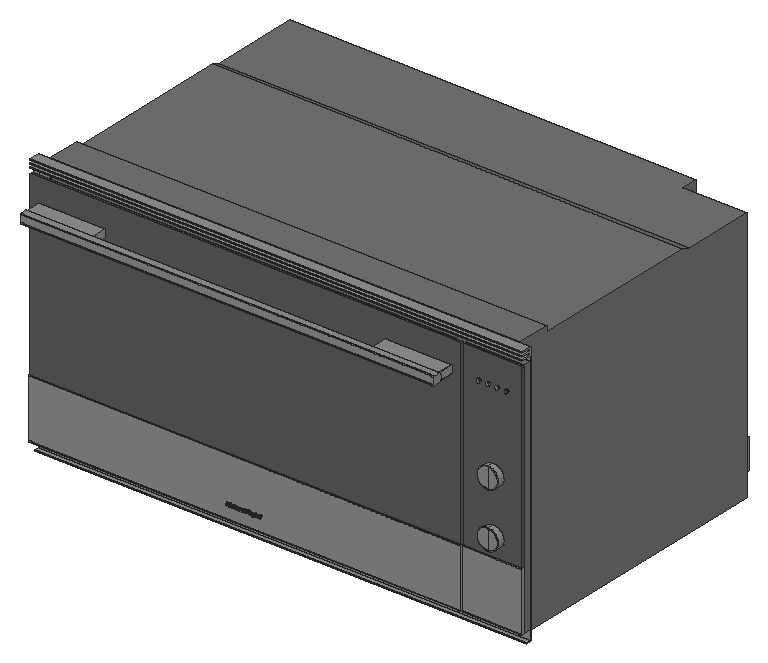
Revit family "New_Fisher & Paykel Oven OB90S9MEP", category Generic Models, host Floor, Revit 2013
Parameters (values of type "Fisher & Paykel - Built-in Oven OB90S9MEPX2")
  URL = "http://www.fisherpaykel.com"
  Panel = Glass-Reflective-Black-Fisher & Paykel
  Model = "OB90S9MEPX2"
  Manufacturer = "Fisher & Paykel"
  Features = Metal-Stainless Steel-Brushed-Fisher & Paykel
  Description = "Fisher & Paykel - Built-in Oven OB90S9MEPX2"
  Body = Metal-Polished-Black-Fisher & Paykel
Reference planes (in)
  plane 1 "Center (Front/Back)": y = 0
  plane 2: z = 0
  plane 3 "Center (Left/Right)": x = 0
Dimensions and locks (in)
  equal spacing: host sketch curve, plane 1 "Center (Front/Back)", host sketch curve
  equal spacing: host sketch curve, plane 3 "Center (Left/Right)", host sketch curve
  host sketch curve to host sketch curve = 10' - 0"  (x2)
  aligned and locked: level to plane 2
Nested families (in)
  nested 1: "Fisher & Paykel Oven OB90S9MEP" at (0, 0, 9.40945) x (1, 0, 0) z (0, -1, 0), type "Fisher & Paykel - Built-in Oven OB90S9MEPX2"
Definition of nested family "Fisher & Paykel Oven OB90S9MEP"
  Parameters (values of type "Fisher & Paykel - Built-in Oven OB90S9MEPX2")
    Width_ANZRS = 1' - 10.20472"  # constant formula
    URL = "http://www.fisherpaykel.com"
    Type Comments = ""
    Features = Metal-Stainless Steel-Brushed-Fisher & Paykel
    Clearance = yes
    Body = Metal-Polished-Black-Fisher & Paykel
    Model = "OB90S9MEPX2"
    Manufacturer = "Fisher & Paykel"  # constant formula
    Length_ANZRS = 2' - 11.23622"  # constant formula
    Keynote = ""
    Height_ANZRS = 1' - 6.8189"  # constant formula
    Description = "90cm Pyrolytic Built-in Oven"  # constant formula
    Default Elevation = 3' - 3.37008"
    Cost = 0
    Panel = Glass-Reflective-Black-Fisher & Paykel
    Assembly Code = ""
  Reference planes (in)
    plane 1 "Origin": y = 0
    plane 2 "Host": z = 0
    plane 3 "Center (Left/Right)": x = 0
    plane 4 "Back": y = 9.40945
    plane 5 "Front": y = -9.40945
    plane 6 "Top": z = 0.19685
    plane 7 "Bottom": z = -22.00787
    plane 8: x = 17.57874
    plane 9: x = -17.57874
    plane 10 "Knobs": x = 15.48771
  Forms (in)
    Extrusion 1, solid
      sketch origin (0, 0, 0) x (1, 0, 0) y (0, 1, 0)
        loop
          line (-48, 48) -> (-48, -48) -> (48, -48) -> (48, 48) -> (-48, 48)
      from 0 to -12
    Extrusion 2, solid, material "Metal-Polished-Black-Fisher & Paykel" <- "Body"
      sketch origin (16.79134, -9.40945, -0.66929) x (0, 0, -1) y (0, 1, 0)
        loop
          line (21.33858, 0) -> (21.33858, 18.22835) -> (15.04967, 18.22835) -> (14.49853, 18.4252) -> (2.32283, 18.4252) -> (2.32283, 18.8189) -> (-0.07874, 18.8189) -> (-0.07874, 9.56693) -> (-0.07874, 0) -> (21.33858, 0)
      from 0 to -33.58268
    Extrusion 3, solid, material "Metal-Stainless Steel-Brushed-Fisher & Paykel" <- "Features", detail levels medium+fine
      sketch origin (16.79134, -9.40945, -0.66929) x (0, 0, -1) y (0, 1, 0)
        loop
          line (-0.86614, 18.8189) -> (-0.86614, 18.74016) -> (-0.15748, 18.74016) -> (-0.15748, 18.56299) -> (-0.86614, 18.56299) -> (-0.86614, 18.48425) -> (-0.15748, 18.48425) -> (-0.15748, 18.30709) -> (-0.86614, 18.30709) -> (-0.86614, 18.22835) -> (-0.07874, 18.22835) -> (-0.07874, 18.8189) -> (-0.86614, 18.8189)
      from -34.37008 to 0.7874
    Extrusion 4, solid, material "Metal-Stainless Steel-Brushed-Fisher & Paykel" <- "Features", detail levels medium+fine
      sketch origin (16.79134, -9.40945, -1.06299) x (0, 0, -1) y (0, 1, 0)
        loop
          line (-0.47244, 0) -> (-0.47244, 0.74803) -> (-0.51181, 0.74803) -> (-0.51181, 0.03937) -> (-0.86614, 0.03937) -> (-0.86614, 0) -> (-0.47244, 0)
      from -34.37008 to 0.7874
    Extrusion 5, void
      sketch origin (16.79134, -9.40945, -0.66929) x (1, 0, 0) y (0, 0, -1)
        loop
          line (0, 21.33858) -> (-4.56693, 21.33858) -> (-4.56693, 20.15748) -> (0, 20.15748) -> (0, 21.33858)
      from 0 to 18.22835
    Extrusion 6, solid, material "Metal-Stainless Steel-Brushed-Fisher & Paykel" <- "Features", detail levels medium+fine
      sketch origin (16.79134, -9.40945, 0.11811) x (1, 0, 0) y (0, 1, 0)
        loop
          circle (-2.28362, 15.9449) r 0.11811
        loop
          circle (-1.62417, 15.9449) r 0.11811
        loop
          circle (-0.96473, 15.9449) r 0.11811
        loop
          circle (-0.30528, 15.9449) r 0.11811
      from 0.07874 to 0.15748
    Extrusion 7, solid, material "Metal-Stainless Steel-Brushed-Fisher & Paykel" <- "Features"
      sketch origin (16.79134, -9.38995, -0.59055) x (1, 0, 0) y (0, 0, -1)
        loop
          line (-2.00787, 21.02362) -> (-2.00787, 20.23622) -> (-0.51181, 20.23622) -> (-0.51181, 21.02362) -> (-2.00787, 21.02362)
      from 1.1616 to 3.32696
    Extrusion 8, solid, material "Metal-Stainless Steel-Brushed-Fisher & Paykel" <- "Features"
      sketch origin (16.79134, -9.40945, -0.59055) x (1, 0, 0) y (0, 0, -1)
        loop
          circle (-1.25984, 20.62992) r 0.15748
      from 0.15748 to 1.1811
    Extrusion 9, void
      sketch origin (16.79134, -9.40945, -0.66929) x (1, 0, 0) y (0, 0, -1)
        loop
          line (-4.76378, 21.20164) -> (-33.38583, 21.20164) -> (-33.38583, 0.21568) -> (-0.19685, 0.21568) -> (-0.19685, 19.96063) -> (-4.76378, 19.96063) -> (-4.76378, 21.20164)
      from 0.19685 to 17.91339
    Extrusion 10, solid, material "Metal-Stainless Steel-Brushed-Fisher & Paykel" <- "Features"
      sketch origin (16.79134, -9.40945, -0.66929) x (0, 0, -1) y (0, 1, 0)
        loop
          line (-2.00841, 16.25984) -> (-2.46063, 16.25984)
          arc (-2.46063, 16.25984) -> (-2.50239, 16.24255) -> (-2.51969, 16.20079) r 0.05906
          line (-2.51969, 16.20079) -> (-2.51969, 15.68898)
          arc (-2.51969, 15.68898) -> (-2.50239, 15.64722) -> (-2.46063, 15.62992) r 0.05906
          line (-2.46063, 15.62992) -> (-2.00841, 15.62992)
          arc (-2.00841, 15.62992) -> (-1.88863, 15.94488) -> (-2.00841, 16.25984) r 0.47399
      from -33.74016 to -4.2126
    Extrusion 11, solid, material "Glass-Reflective-Black-Fisher & Paykel" <- "Panel"
      sketch origin (0, 0, 0.19685) x (-1, 0, 0) y (0, -1, 0)
        loop
          line (-13.40551, -8.38583) -> (-13.40551, 8.51986)
          arc (-13.40551, 8.51986) -> (-13.44005, 8.60325) -> (-13.52344, 8.6378) r 0.11793
          line (-13.52344, 8.6378) -> (-17.46063, 8.6378)
          arc (-17.46063, 8.6378) -> (-17.54415, 8.6032) -> (-17.57874, 8.51969) r 0.11811
          line (-17.57874, 8.51969) -> (-17.57874, -8.38583)
          arc (-17.57874, -8.38583) -> (-17.54415, -8.46934) -> (-17.46063, -8.50394) r 0.11811
          line (-17.46063, -8.50394) -> (-13.52362, -8.50394)
          arc (-13.52362, -8.50394) -> (-13.44011, -8.46934) -> (-13.40551, -8.38583) r 0.11811
      from -0.15748 to 0
    Extrusion 12, solid, material "Metal-Stainless Steel-Brushed-Fisher & Paykel" <- "Features"
      sketch origin (0, 0, 0) x (1, 0, 0) y (0, 0, 1)
        loop
          line (-16.7126, -0.59055) -> (-16.7126, -0.55118) -> (-17.53937, -0.55118) -> (-17.53937, -0.11811) -> (-17.57874, -0.11811) -> (-17.57874, -0.59055) -> (-16.7126, -0.59055)
        loop
          line (17.57874, -0.59055) -> (17.57874, -0.55118) -> (16.59449, -0.55118) -> (16.59449, -0.59055) -> (17.57874, -0.59055)
      from -8.52756 to 8.66142
    Extrusion 13, solid, material "Metal-Stainless Steel-Brushed-Fisher & Paykel" <- "Features", detail levels medium+fine
      sketch origin (16.79134, -9.40945, -0.66929) x (0, 0, -1) y (0, 1, 0)
        loop
          line (-0.11811, 18.22835) -> (-0.11811, 17.93701) -> (-0.07874, 17.93701) -> (-0.07874, 18.22835) -> (-0.11811, 18.22835)
      from -34.37008 to 0.7874
    Extrusion 14, solid, material "Metal-Polished-Black-Fisher & Paykel" <- "Body"
      sketch origin (0, 0, 0) x (0, 1, 0) y (0, 0, 1)
        loop
          line (8.26772, 0.03937) -> (-8.66142, 0.03937) -> (-8.66142, -0.59055) -> (8.09893, -0.59055) -> (8.26772, 0.03937)
      from -15.61024 to 12.22441
    Extrusion 15, solid, material "Metal-Polished-Black-Fisher & Paykel" <- "Body"
      sketch origin (0, 0, 0.19685) x (-1, 0, 0) y (0, -1, 0)
        loop
          line (-13.40551, 8.66142) -> (-17.57874, 8.66142) -> (-17.57874, -8.50394) -> (-13.40551, -8.50394) -> (-13.40551, 8.66142)
      from -0.74803 to -0.15748
    Extrusion 16, solid, material "Glass-Reflective-Black-Fisher & Paykel" <- "Panel"
      sketch origin (0, 0, 0.19685) x (-1, 0, 0) y (0, -1, 0)
        loop
          line (-13.20866, 8.51969) -> (-13.20866, -8.38583)
          arc (-13.20866, -8.38583) -> (-13.17407, -8.46934) -> (-13.09055, -8.50394) r 0.11811
          line (-13.09055, -8.50394) -> (17.46063, -8.50394)
          arc (17.46063, -8.50394) -> (17.54415, -8.46934) -> (17.57874, -8.38583) r 0.11811
          line (17.57874, -8.38583) -> (17.57874, 8.51969)
          arc (17.57874, 8.51969) -> (17.54415, 8.6032) -> (17.46063, 8.6378) r 0.11811
          line (17.46063, 8.6378) -> (-13.09055, 8.6378)
          arc (-13.09055, 8.6378) -> (-13.17407, 8.6032) -> (-13.20866, 8.51969) r 0.11811
      from -0.15748 to 0
    Extrusion 17, solid, material "Metal-Stainless Steel-Brushed-Fisher & Paykel" <- "Features"
      sketch origin (0, 0, 0) x (0, 1, 0) y (0, 0, 1)
        loop
          line (-4.44882, 0.27559) -> (-8.62205, 0.27559)
          arc (-8.62205, 0.27559) -> (-8.64989, 0.26406) -> (-8.66142, 0.23622) r 0.03937
          line (-8.66142, 0.23622) -> (-8.66142, 0.07874) -> (-4.40945, 0.07874) -> (-4.40945, 0.23622)
          arc (-4.40945, 0.23622) -> (-4.42098, 0.26406) -> (-4.44882, 0.27559) r 0.03937
      from -17.61811 to 13.24803
    Extrusion 18, solid, material "Metal-Stainless Steel-Brushed-Fisher & Paykel" <- "Features"
      sketch origin (0, 0, 0) x (0, 1, 0) y (0, 0, 1)
        loop
          line (-4.44882, 0.27559) -> (-8.62205, 0.27559)
          arc (-8.62205, 0.27559) -> (-8.64989, 0.26406) -> (-8.66142, 0.23622) r 0.03937
          line (-8.66142, 0.23622) -> (-8.66142, 0.07874) -> (-4.40945, 0.07874) -> (-4.40945, 0.23622)
          arc (-4.40945, 0.23622) -> (-4.42098, 0.26406) -> (-4.44882, 0.27559) r 0.03937
      from 13.36614 to 17.61811
    Revolve 19, solid, material "Metal-Stainless Steel-Brushed-Fisher & Paykel" <- "Features"
      sketch origin (15.48771, 0, 0) x (0, 1, 0) y (0, 0, 1)
        loop
          line (0.82677, 0.66929) -> (0.82677, 0.03937) -> (1.5748, 0.03937) -> (1.5748, 0.62992) -> (1.53543, 0.66929) -> (0.82677, 0.66929)
        axis (0.82677, 0.03937) -> (0.82677, 0.66929)
      angle from 0 to 360
    Revolve 20, solid, material "Metal-Stainless Steel-Brushed-Fisher & Paykel" <- "Features"
      sketch origin (15.48771, 0, 0) x (0, 1, 0) y (0, 0, 1)
        loop
          line (-3.11024, 0.66929) -> (-3.11024, 0.03937) -> (-2.3622, 0.03937) -> (-2.3622, 0.62992) -> (-2.40158, 0.66929) -> (-3.11024, 0.66929)
        axis (-3.11024, 0.03937) -> (-3.11024, 0.66929)
      angle from 0 to 360
    Extrusion 21, solid, material "Metal-Stainless Steel-Brushed-Fisher & Paykel" <- "Features"
      sketch origin (0, 0, 0.19685) x (-1, 0, 0) y (0, -1, 0)
        loop
          line (12.21654, -6.23228) -> (12.21654, -6.83858) -> (16.90157, -6.83858) -> (16.94112, -6.79904) -> (16.94112, -6.27182) -> (16.90157, -6.23228) -> (12.21654, -6.23228)
        loop
          line (-7.84646, -6.23228) -> (-12.5315, -6.23228) -> (-12.57104, -6.27182) -> (-12.57104, -6.79904) -> (-12.5315, -6.83858) -> (-7.84646, -6.83858) -> (-7.84646, -6.23228)
      from 0 to 1.32965
  Cuts and joins
    Extrusion 5, Extrusion 9 cuts Extrusion 2
    joined: Extrusion 10, Extrusion 21
  Dimensions and locks (in)
    equal spacing: plane 5 "Front", plane 1 "Origin", plane 4 "Back"
    locked: plane 6 "Top" to level at 0.19685
    equal spacing: plane 9, plane 3 "Center (Left/Right)", plane 8
    aligned and locked: plane 2 "Host" to Extrusion 1
    aligned and locked: level to Extrusion 1
    aligned and locked: Extrusion 7 to Extrusion 8
  Automatic sketch dimensions
    Extrusion 1 sketch curve to Extrusion 1 sketch curve = 8' - 0"  (x2)
    Extrusion 2 sketch curve to plane 4 "Back" = 0' - 0"
    Extrusion 2 sketch curve to plane 5 "Front" = 0' - 0"
    Extrusion 2 sketch curve to plane 7 "Bottom" = 0' - 0"
    Extrusion 2 sketch curve to plane 4 "Back" = 0' - 0.59055"
    Extrusion 2 sketch curve to Extrusion 2 sketch curve = 0' - 6.28891"
    Extrusion 2 sketch curve to Extrusion 2 sketch curve = 0' - 0.55114"
    Extrusion 2 sketch curve to plane 4 "Back" = 0' - 0.3937"
    Extrusion 2 sketch curve to level = 0' - 2.99213"
    Extrusion 2 sketch curve to level = 0' - 0.59055"
    Extrusion 2 sketch curve to plane 1 "Origin" = 0' - 0.15748"
    Extrusion 3 sketch curve to plane 4 "Back" = 0' - 0"
    Extrusion 3 sketch curve to plane 6 "Top" = 0' - 0"  (x3)
    Extrusion 3 sketch curve to level = 0' - 0.51181"
    Extrusion 3 sketch curve to Extrusion 3 sketch curve = 0' - 0"
    Extrusion 3 sketch curve to Extrusion 3 sketch curve = 0' - 0.07874"  (x3)
    Extrusion 3 sketch curve to plane 4 "Back" = 0' - 0.07874"
    Extrusion 3 sketch curve to Extrusion 3 sketch curve = 0' - 0.17717"  (x2)
    Extrusion 4 sketch curve to plane 5 "Front" = 0' - 0"
    Extrusion 4 sketch curve to plane 5 "Front" = 0' - 0.03937"
    Extrusion 4 sketch curve to level = 0' - 0.19685"
    Extrusion 4 sketch curve to level = 0' - 0.55118"
    Extrusion 4 sketch curve to Extrusion 4 sketch curve = 0' - 0.03937"
    Extrusion 4 sketch curve to Extrusion 4 sketch curve = 0' - 0.70866"
    Extrusion 5 sketch curve to plane 7 "Bottom" = 0' - 0"
    Extrusion 5 sketch curve to plane 10 "Knobs" = 0' - 3.2633"
    Extrusion 5 sketch curve to plane 8 = 0' - 0.7874"
    plane 7 "Bottom" to Extrusion 5 sketch curve = 0' - 1.1811"
    Extrusion 6 sketch curve to plane 10 "Knobs" = 0' - 0.97999"
    Extrusion 6 sketch curve to plane 10 "Knobs" = 0' - 0.32055"
    plane 10 "Knobs" to Extrusion 6 sketch curve = 0' - 0.3389"
    Extrusion 6 sketch curve to Extrusion 6 sketch curve = 0' - 0.65945"
    Extrusion 6 sketch curve to plane 4 "Back" = 0' - 2.874"
    Extrusion 6 sketch curve to Extrusion 6 sketch curve = 0' - 0"  (x3)
    Extrusion 7 sketch curve to plane 10 "Knobs" = 0' - 0.70425"
    plane 10 "Knobs" to Extrusion 7 sketch curve = 0' - 0.79182"
    plane 7 "Bottom" to Extrusion 7 sketch curve = 0' - 1.1811"
    plane 7 "Bottom" to Extrusion 7 sketch curve = 0' - 0.3937"
    plane 10 "Knobs" to Extrusion 8 sketch curve = 0' - 0.04379"
    plane 7 "Bottom" to Extrusion 8 sketch curve = 0' - 0.7874"
    plane 7 "Bottom" to Extrusion 9 sketch curve = 0' - 0.13694"
    plane 9 to Extrusion 9 sketch curve = 0' - 0.98425"
    Extrusion 9 sketch curve to plane 10 "Knobs" = 0' - 3.46015"
    Extrusion 9 sketch curve to plane 8 = 0' - 0.98425"
    plane 7 "Bottom" to Extrusion 9 sketch curve = 0' - 1.37795"
    Extrusion 9 sketch curve to level = 0' - 0.88497"
    plane 6 "Top" to Extrusion 10 sketch curve = 0' - 1.65354"
    Extrusion 10 sketch curve to Extrusion 10 sketch curve = 0' - 0.05906"  (x2)
    Extrusion 10 sketch curve to Extrusion 10 sketch curve = 0' - 0.098"
    Extrusion 10 sketch curve to Extrusion 10 sketch curve = 0' - 0.45222"  (x2)
    Extrusion 10 sketch curve to plane 4 "Back" = 0' - 3.18898"
    Extrusion 10 sketch curve to Extrusion 10 sketch curve = 0' - 0.25591"
    Extrusion 11 sketch curve to plane 8 = 0' - 0"
    Extrusion 11 sketch curve to plane 8 = 0' - 0.11811"  (x2)
    Extrusion 11 sketch curve to plane 4 "Back" = 0' - 0.90551"
    Extrusion 11 sketch curve to plane 10 "Knobs" = 0' - 1.96409"
    Extrusion 11 sketch curve to plane 10 "Knobs" = 0' - 1.96427"
    Extrusion 11 sketch curve to Extrusion 11 sketch curve = 0' - 0.11793"
    Extrusion 11 sketch curve to plane 5 "Front" = 0' - 0.88976"
    Extrusion 12 sketch curve to plane 9 = 0' - 0"
    Extrusion 12 sketch curve to plane 8 = 0' - 0"
    plane 9 to Extrusion 12 sketch curve = 0' - 0.03937"
    Extrusion 12 sketch curve to Extrusion 12 sketch curve = 0' - 0.82677"
    Extrusion 12 sketch curve to plane 8 = 0' - 0.98425"
    Extrusion 12 sketch curve to level = 0' - 0.59055"  (x2)
    Extrusion 12 sketch curve to Extrusion 12 sketch curve = 0' - 0.03937"  (x2)
    Extrusion 12 sketch curve to level = 0' - 0.11811"
    Extrusion 13 sketch curve to level = 0' - 0.55118"
    Extrusion 13 sketch curve to Extrusion 13 sketch curve = 0' - 0.03937"
    Extrusion 13 sketch curve to plane 4 "Back" = 0' - 0.88189"
    Extrusion 13 sketch curve to Extrusion 13 sketch curve = 0' - 0.29134"
    level to Extrusion 14 sketch curve = 0' - 0.03937"
    Extrusion 14 sketch curve to plane 5 "Front" = 0' - 0.74803"
    Extrusion 14 sketch curve to level = 0' - 0.59055"
    Extrusion 14 sketch curve to plane 4 "Back" = 0' - 1.31052"
    Extrusion 14 sketch curve to Extrusion 14 sketch curve = 0' - 0.16879"
    Extrusion 15 sketch curve to plane 8 = 0' - 0"
    Extrusion 15 sketch curve to plane 5 "Front" = 0' - 0.74803"
    Extrusion 15 sketch curve to plane 10 "Knobs" = 0' - 2.0822"
    Extrusion 15 sketch curve to plane 4 "Back" = 0' - 0.90551"
    Extrusion 16 sketch curve to plane 9 = 0' - 0"
    plane 9 to Extrusion 16 sketch curve = 0' - 0.11811"
    Extrusion 16 sketch curve to Extrusion 16 sketch curve = 0' - 0.11811"  (x2)
    Extrusion 16 sketch curve to plane 5 "Front" = 0' - 0.77165"
    Extrusion 16 sketch curve to plane 10 "Knobs" = 0' - 2.39716"  (x2)
    Extrusion 16 sketch curve to plane 4 "Back" = 0' - 1.02362"
    level to Extrusion 17 sketch curve = 0' - 0.07874"
    Extrusion 17 sketch curve to plane 5 "Front" = 0' - 0.74803"
    Extrusion 17 sketch curve to Extrusion 17 sketch curve = 0' - 0.03937"  (x2)
    plane 6 "Top" to Extrusion 17 sketch curve = 0' - 0.07874"
    Extrusion 17 sketch curve to Extrusion 17 sketch curve = 0' - 4.17323"
    level to Extrusion 18 sketch curve = 0' - 0.07874"
    Extrusion 18 sketch curve to plane 5 "Front" = 0' - 0.74803"
    Extrusion 18 sketch curve to Extrusion 18 sketch curve = 0' - 0.03937"  (x2)
    plane 6 "Top" to Extrusion 18 sketch curve = 0' - 0.07874"
    Extrusion 18 sketch curve to Extrusion 18 sketch curve = 0' - 4.17323"
    Revolve 19 sketch curve to plane 1 "Origin" = 0' - 0.82677"
    Revolve 19 sketch curve to Revolve 19 sketch curve = 0' - 0"  (x2)
    plane 6 "Top" to Revolve 19 sketch curve = 0' - 0.47244"
    Revolve 19 sketch curve to Revolve 19 sketch curve = 0' - 0.70866"
    plane 6 "Top" to Revolve 19 sketch curve = 0' - 0.43307"
    Revolve 19 sketch curve to Revolve 19 sketch curve = 0' - 0.03937"
    level to Revolve 19 sketch curve = 0' - 0.03937"
    Revolve 19 sketch curve to Revolve 19 sketch curve = 0' - 0.3937"
    plane 6 "Top" to Revolve 20 sketch curve = 0' - 0.47244"  (x2)
    plane 1 "Origin" to Revolve 20 sketch curve = 0' - 3.11024"
    Revolve 20 sketch curve to Revolve 20 sketch curve = 0' - 0"
    Revolve 20 sketch curve to Revolve 20 sketch curve = 0' - 0.70866"
    plane 6 "Top" to Revolve 20 sketch curve = 0' - 0.43307"
    Revolve 20 sketch curve to Revolve 20 sketch curve = 0' - 0.03937"
    level to Revolve 20 sketch curve = 0' - 0.03937"
    Revolve 20 sketch curve to Revolve 20 sketch curve = 0' - 0.3937"
    Extrusion 21 sketch curve to plane 8 = 0' - 5.0077"
    Extrusion 21 sketch curve to Extrusion 21 sketch curve = 0' - 0.03954"  (x6)
    Extrusion 21 sketch curve to plane 10 "Knobs" = 0' - 7.64125"
    Extrusion 21 sketch curve to plane 4 "Back" = 0' - 2.57087"  (x2)
    plane 9 to Extrusion 21 sketch curve = 0' - 5.3622"
    plane 9 to Extrusion 21 sketch curve = 0' - 0.67717"
    Extrusion 21 sketch curve to Extrusion 21 sketch curve = 0' - 0"
    Extrusion 21 sketch curve to Extrusion 21 sketch curve = 0' - 0.52722"  (x2)
    Extrusion 21 sketch curve to Extrusion 21 sketch curve = 0' - 0.6063"
    radius of Extrusion 6 sketch curve = 0' - 0.11811"  (x4)
    radius of Extrusion 8 sketch curve = 0' - 0.15748"
  Nested families (in)
    nested 1: "FP_logo" at (-2.21893, -7.7569, 0.27559), type "FP_logo"
  Definition of nested family "FP_logo"
    Parameters (values of type "FP_logo")
      length = 0' - 2.55906"
      LOGO = logo
      Default Elevation = 4' - 0"
    Reference planes (in)
      plane 1 "Center (Front/Back)": y = 0
      plane 2: z = 0
      plane 3 "Center (Left/Right)": x = 0
      plane 4: x = -1.27953
      plane 5: x = 1.27953
    Forms (in)
      Extrusion 1, solid
        sketch origin (0, 0, 0) x (1, 0, 0) y (0, 1, 0)
          loop
            line (-48, 48) -> (-48, -48) -> (48, -48) -> (48, 48) -> (-48, 48)
        from 0 to -12
      Extrusion 2, solid, material "logo" <- "LOGO"
        sketch origin (0, 0, 0) x (1, 0, 0) y (0, 1, 0)
          loop
            line (-1.28793, 0) -> (-1.22941, 0) -> (-1.20294, 0.10013) -> (-1.06722, 0.10013) -> (-1.05675, 0.13883) -> (-1.19244, 0.13883) -> (-1.17503, 0.20502) -> (-1.03204, 0.20502) -> (-1.02154, 0.24372) -> (-1.22301, 0.24372) -> (-1.28793, 0)
          loop
            line (-1.06975, 0) -> (-1.01812, 0) -> (-0.97286, 0.17064) -> (-1.02455, 0.17064) -> (-1.06975, 0)
          loop
            line (-1.00487, 0.24372) -> (-1.01447, 0.2087) -> (-0.96281, 0.2087) -> (-0.95323, 0.24372) -> (-1.00487, 0.24372)
          loop
            arc (-0.70659, 0.10944) -> (-0.66351, 0.13909) -> (-0.61518, 0.11909) r 0.05479
            line (-0.61518, 0.11909) -> (-0.64665, 0) -> (-0.59502, 0) -> (-0.56433, 0.11613)
            arc (-0.56433, 0.11613) -> (-0.56066, 0.13166) -> (-0.56433, 0.1472) r 0.03467
            arc (-0.56433, 0.1472) -> (-0.63207, 0.17359) -> (-0.6978, 0.14254) r 0.09195
            line (-0.6978, 0.14254) -> (-0.67088, 0.24372) -> (-0.72248, 0.24372) -> (-0.78736, 0) -> (-0.73573, 0) -> (-0.70659, 0.10944)
          loop
            arc (-0.78003, 0.12388) -> (-0.7802, 0.15435) -> (-0.80595, 0.17064) r 0.03175
            arc (-0.80595, 0.17064) -> (-0.86905, 0.17791) -> (-0.93104, 0.16409) r 0.19102
            arc (-0.93104, 0.16409) -> (-0.95215, 0.1497) -> (-0.96547, 0.12791) r 0.06073
            arc (-0.96547, 0.12791) -> (-0.96563, 0.09219) -> (-0.93526, 0.0734) r 0.03654
            line (-0.93526, 0.0734) -> (-0.86683, 0.07042)
            arc (-0.86683, 0.07042) -> (-0.84963, 0.04675) -> (-0.87138, 0.02716) r 0.02187
            line (-0.87138, 0.02716) -> (-0.91159, 0.02716)
            arc (-0.91159, 0.02716) -> (-0.92782, 0.03263) -> (-0.93496, 0.04821) r 0.02158
            line (-0.93496, 0.04821) -> (-0.98793, 0.04897)
            arc (-0.98793, 0.04897) -> (-0.98824, 0.0237) -> (-0.97175, 0.00453) r 0.03578
            arc (-0.97175, 0.00453) -> (-0.90562, -0.00279) -> (-0.83949, 0.00453) r 0.30257
            arc (-0.83949, 0.00453) -> (-0.80981, 0.02332) -> (-0.79102, 0.053) r 0.08011
            arc (-0.79102, 0.053) -> (-0.79169, 0.08409) -> (-0.81828, 0.10023) r 0.03232
            line (-0.81828, 0.10023) -> (-0.90164, 0.10385)
            arc (-0.90164, 0.10385) -> (-0.91478, 0.11094) -> (-0.91736, 0.12565) r 0.01712
            arc (-0.91736, 0.12565) -> (-0.87321, 0.14484) -> (-0.82987, 0.12388) r 0.05771
            line (-0.82987, 0.12388) -> (-0.78003, 0.12388)
          loop
            line (-0.35834, 0.07785) -> (-0.34936, 0.1281)
            arc (-0.34936, 0.1281) -> (-0.36182, 0.15818) -> (-0.3919, 0.17064) r 0.04254
            line (-0.3919, 0.17064) -> (-0.46649, 0.17064)
            arc (-0.46649, 0.17064) -> (-0.55144, 0.09952) -> (-0.50276, 0) r 0.08985
            arc (-0.50276, 0) -> (-0.42624, 0.00164) -> (-0.36657, 0.04957) r 0.1189
            line (-0.36657, 0.04957) -> (-0.41532, 0.05469)
            arc (-0.41532, 0.05469) -> (-0.47196, 0.02753) -> (-0.50958, 0.07785) r 0.04947
            line (-0.50958, 0.07785) -> (-0.35834, 0.07785)
          loop
            line (-0.49543, 0.10339) -> (-0.40222, 0.10339)
            arc (-0.40222, 0.10339) -> (-0.44883, 0.14122) -> (-0.49543, 0.10339) r 0.04763
          loop
            line (-0.35744, 0) -> (-0.30575, 0) -> (-0.27931, 0.10045)
            arc (-0.27931, 0.10045) -> (-0.24877, 0.13302) -> (-0.21439, 0.10454) r 0.03258
            line (-0.21439, 0.10454) -> (-0.16596, 0.10454)
            arc (-0.16596, 0.10454) -> (-0.16014, 0.13655) -> (-0.17275, 0.16653) r 0.05707
            arc (-0.17275, 0.16653) -> (-0.22695, 0.17196) -> (-0.27227, 0.14172) r 0.08074
            line (-0.27227, 0.14172) -> (-0.26058, 0.17064) -> (-0.31221, 0.17064) -> (-0.35744, 0)
          loop
            line (0.04293, 0.09792) -> (0.03493, 0.06801) -> (-0.03092, 0.12139)
            arc (-0.03092, 0.12139) -> (0.01102, 0.12595) -> (0.05079, 0.14002) r 0.18262
            arc (0.05079, 0.14002) -> (0.06551, 0.16161) -> (0.06992, 0.18735) r 0.06142
            arc (0.06992, 0.18735) -> (0.06308, 0.2049) -> (0.04699, 0.21468) r 0.02933
            arc (0.04699, 0.21468) -> (-0.00347, 0.22023) -> (-0.05393, 0.21468) r 0.23211
            arc (-0.05393, 0.21468) -> (-0.0772, 0.20319) -> (-0.09256, 0.18227) r 0.0547
            arc (-0.09256, 0.18227) -> (-0.09997, 0.15248) -> (-0.08317, 0.12679) r 0.03836
            arc (-0.08317, 0.12679) -> (-0.12079, 0.11552) -> (-0.14937, 0.08857) r 0.08523
            line (-0.14937, 0.08857) -> (-0.16132, 0.04948)
            arc (-0.16132, 0.04948) -> (-0.15152, 0.01457) -> (-0.1183, 0) r 0.0424
            arc (-0.1183, 0) -> (-0.0664, -0.00378) -> (-0.01449, 0) r 0.35823
            arc (-0.01449, 0) -> (0.01603, 0.00923) -> (0.04252, 0.02698) r 0.10788
            line (0.04252, 0.02698) -> (0.07664, 0) -> (0.10123, 0.0189) -> (0.05868, 0.0487)
            arc (0.05868, 0.0487) -> (0.06845, 0.07262) -> (0.07373, 0.09792) r 0.1419
            line (0.07373, 0.09792) -> (0.04293, 0.09792)
          loop
            line (0.02245, 0.04264) -> (-0.06702, 0.11392)
            arc (-0.06702, 0.11392) -> (-0.10449, 0.10434) -> (-0.12285, 0.0703) r 0.0482
            arc (-0.12285, 0.0703) -> (-0.12188, 0.03525) -> (-0.09139, 0.01794) r 0.0357
            arc (-0.09139, 0.01794) -> (-0.03193, 0.0186) -> (0.02245, 0.04264) r 0.14775
          loop
            arc (0.29295, 0.07855) -> (0.34351, 0.08976) -> (0.38459, 0.12128) r 0.11963
            arc (0.38459, 0.12128) -> (0.40024, 0.16194) -> (0.40678, 0.20502) r 0.20127
            arc (0.40678, 0.20502) -> (0.38041, 0.23617) -> (0.3403, 0.24372) r 0.061
            line (0.3403, 0.24372) -> (0.17853, 0.24372) -> (0.11368, 0) -> (0.17213, 0) -> (0.19316, 0.07855) -> (0.29295, 0.07855)
          loop
            line (0.22654, 0.20502) -> (0.20369, 0.11876) -> (0.28438, 0.11876)
            arc (0.28438, 0.11876) -> (0.30788, 0.12228) -> (0.32933, 0.13253) r 0.08023
            line (0.32933, 0.13253) -> (0.34318, 0.17058)
            arc (0.34318, 0.17058) -> (0.33309, 0.19493) -> (0.30873, 0.20502) r 0.03444
            line (0.30873, 0.20502) -> (0.22654, 0.20502)
          loop
            arc (0.44994, 0.12128) -> (0.45661, 0.1374) -> (0.47273, 0.14408) r 0.02279
            arc (0.47273, 0.14408) -> (0.49581, 0.14613) -> (0.5189, 0.14408) r 0.13096
            arc (0.5189, 0.14408) -> (0.53284, 0.13296) -> (0.53116, 0.1152) r 0.01873
            line (0.53116, 0.1152) -> (0.52298, 0.08453)
            arc (0.52298, 0.08453) -> (0.45237, 0.10647) -> (0.3839, 0.07855) r 0.10954
            arc (0.3839, 0.07855) -> (0.37005, 0.03338) -> (0.40349, 0) r 0.04581
            arc (0.40349, 0) -> (0.45959, -0.00093) -> (0.51047, 0.02274) r 0.12515
            line (0.51047, 0.02274) -> (0.49277, -0.00253) -> (0.55275, 0) -> (0.58246, 0.11146)
            arc (0.58246, 0.11146) -> (0.58562, 0.14392) -> (0.56221, 0.16663) r 0.03759
            arc (0.56221, 0.16663) -> (0.50502, 0.17693) -> (0.44725, 0.17064) r 0.20338
            arc (0.44725, 0.17064) -> (0.41783, 0.1507) -> (0.39789, 0.12128) r 0.09427
            line (0.39789, 0.12128) -> (0.44994, 0.12128)
          loop
            line (0.6208, 0) -> (0.6534, 0)
            arc (0.6534, 0) -> (0.62549, -0.03442) -> (0.58246, -0.04497) r 0.0695
            line (0.58246, -0.04497) -> (0.57423, -0.0749)
            arc (0.57423, -0.0749) -> (0.64659, -0.06536) -> (0.69487, -0.01063) r 0.10405
            line (0.69487, -0.01063) -> (0.79906, 0.17064) -> (0.74561, 0.17064) -> (0.66557, 0.02667) -> (0.65099, 0.17064) -> (0.59619, 0.17064) -> (0.6208, 0)
          loop
            line (0.84497, 0.10416) -> (0.8819, 0.24372) -> (0.83031, 0.24372) -> (0.76542, 0) -> (0.81709, 0) -> (0.83716, 0.07561) -> (0.89884, 0) -> (0.96234, 0) -> (0.89705, 0.09023) -> (0.99253, 0.17064) -> (0.93312, 0.17064) -> (0.84497, 0.10416)
          loop
            line (1.22786, 0.24372) -> (1.16298, 0) -> (1.21464, 0) -> (1.27953, 0.24372) -> (1.22786, 0.24372)
          loop
            line (1.16389, 0.07785) -> (1.17287, 0.1281)
            arc (1.17287, 0.1281) -> (1.16041, 0.15818) -> (1.13033, 0.17064) r 0.04254
            line (1.13033, 0.17064) -> (1.05574, 0.17064)
            arc (1.05574, 0.17064) -> (0.97079, 0.09952) -> (1.01947, 0) r 0.08985
            arc (1.01947, 0) -> (1.09599, 0.00164) -> (1.15566, 0.04957) r 0.1189
            line (1.15566, 0.04957) -> (1.10691, 0.05469)
            arc (1.10691, 0.05469) -> (1.05027, 0.02753) -> (1.01265, 0.07785) r 0.04947
            line (1.01265, 0.07785) -> (1.16389, 0.07785)
          loop
            line (1.0268, 0.10339) -> (1.12001, 0.10339)
            arc (1.12001, 0.10339) -> (1.0734, 0.14122) -> (1.0268, 0.10339) r 0.04763
          loop
            arc (-0.04605, 0.13365) -> (-0.0021, 0.14002) -> (0.03485, 0.16467) r 0.10075
            arc (0.03485, 0.16467) -> (0.03736, 0.18125) -> (0.02882, 0.19569) r 0.02499
            arc (0.02882, 0.19569) -> (-0.00536, 0.20013) -> (-0.03953, 0.19569) r 0.1339
            arc (-0.03953, 0.19569) -> (-0.0693, 0.16746) -> (-0.04605, 0.13365) r 0.03158
          loop
            spline (0.40845, 0.0445) -> (0.41077, 0.0382) -> (0.41646, 0.03264) -> (0.42511, 0.02819) -> (0.43615, 0.02517) -> (0.44882, 0.02376) -> (0.46226, 0.02408) -> (0.47555, 0.0261) -> (0.48778, 0.02968) -> (0.49813, 0.03458) -> (0.50588, 0.04046) -> (0.51051, 0.04692) -> (0.51171, 0.05353)
            spline (0.51171, 0.05353) -> (0.50939, 0.05983) -> (0.5037, 0.06539) -> (0.49504, 0.06984) -> (0.484, 0.07286) -> (0.47133, 0.07426) -> (0.4579, 0.07394) -> (0.44461, 0.07192) -> (0.43237, 0.06834) -> (0.42203, 0.06345) -> (0.41428, 0.05757) -> (0.40964, 0.0511) -> (0.40845, 0.0445)
        from 0 to 0.02044
    Dimensions and locks (in)
      "length": plane 4 to plane 5
      equal spacing: plane 4, plane 3 "Center (Left/Right)", plane 5
      aligned and locked: plane 2 to Extrusion 1
      aligned and locked: level to Extrusion 1
    Automatic sketch dimensions
      Extrusion 1 sketch curve to Extrusion 1 sketch curve = 8' - 0"  (x2)
      plane 1 "Center (Front/Back)" to Extrusion 2 sketch curve = 0' - 0"  (x19)
      Extrusion 2 sketch curve to plane 5 = 0' - 0"
      Extrusion 2 sketch curve to Extrusion 2 sketch curve = 0' - 0.05166"  (x3)
      Extrusion 2 sketch curve to plane 5 = 0' - 0.06488"
      Extrusion 2 sketch curve to plane 5 = 0' - 0.10666"
      Extrusion 2 sketch curve to Extrusion 2 sketch curve = 0' - 0.00898"  (x2)
      Extrusion 2 sketch curve to Extrusion 2 sketch curve = 0' - 0.00824"  (x2)
      Extrusion 2 sketch curve to Extrusion 2 sketch curve = 0' - 0.04254"  (x2)
      Extrusion 2 sketch curve to Extrusion 2 sketch curve = 0' - 0.01032"  (x2)
      Extrusion 2 sketch curve to Extrusion 2 sketch curve = 0' - 0.04874"  (x2)
      Extrusion 2 sketch curve to Extrusion 2 sketch curve = 0' - 0.04661"  (x2)
      Extrusion 2 sketch curve to Extrusion 2 sketch curve = 0' - 0.01133"  (x2)
      Extrusion 2 sketch curve to Extrusion 2 sketch curve = 0' - 0.0034"  (x2)
      Extrusion 2 sketch curve to Extrusion 2 sketch curve = 0' - 0.02894"  (x2)
      Extrusion 2 sketch curve to Extrusion 2 sketch curve = 0' - 0.01808"  (x2)
      Extrusion 2 sketch curve to Extrusion 2 sketch curve = 0' - 0.0426"  (x2)
      Extrusion 2 sketch curve to Extrusion 2 sketch curve = 0' - 0.01414"  (x2)
      Extrusion 2 sketch curve to Extrusion 2 sketch curve = 0' - 0.06321"
      Extrusion 2 sketch curve to Extrusion 2 sketch curve = 0' - 0.05712"
      Extrusion 2 sketch curve to plane 1 "Center (Front/Back)" = 0' - 0.17064"  (x2)
      Extrusion 2 sketch curve to Extrusion 2 sketch curve = 0' - 0.05941"
      Extrusion 2 sketch curve to Extrusion 2 sketch curve = 0' - 0.06351"
      Extrusion 2 sketch curve to plane 1 "Center (Front/Back)" = 0' - 0.09023"
      Extrusion 2 sketch curve to Extrusion 2 sketch curve = 0' - 0.03607"
      Extrusion 2 sketch curve to Extrusion 2 sketch curve = 0' - 0.05122"
      Extrusion 2 sketch curve to plane 1 "Center (Front/Back)" = 0' - 0.10416"
      Extrusion 2 sketch curve to Extrusion 2 sketch curve = 0' - 0.05208"
      Extrusion 2 sketch curve to plane 1 "Center (Front/Back)" = 0' - 0.07561"
      Extrusion 2 sketch curve to Extrusion 2 sketch curve = 0' - 0 1/128"  (x2)
      Extrusion 2 sketch curve to Extrusion 2 sketch curve = 0' - 0.0516"  (x2)
      Extrusion 2 sketch curve to Extrusion 2 sketch curve = 0' - 0.02007"
      Extrusion 2 sketch curve to Extrusion 2 sketch curve = 0' - 0 1/32"
      Extrusion 2 sketch curve to Extrusion 2 sketch curve = 0' - 0.05346"
      plane 1 "Center (Front/Back)" to Extrusion 2 sketch curve = 0' - 0.01063"
      Extrusion 2 sketch curve to Extrusion 2 sketch curve = 0' - 0.07055"
      Extrusion 2 sketch curve to plane 1 "Center (Front/Back)" = 0' - 0.02667"
      Extrusion 2 sketch curve to Extrusion 2 sketch curve = 0' - 0.0293"  (x2)
      Extrusion 2 sketch curve to Extrusion 2 sketch curve = 0' - 0.01217"
      Extrusion 2 sketch curve to Extrusion 2 sketch curve = 0' - 0.09462"
      Extrusion 2 sketch curve to Extrusion 2 sketch curve = 0' - 0.03259"
      Extrusion 2 sketch curve to Extrusion 2 sketch curve = 0' - 0.02314"
      Extrusion 2 sketch curve to Extrusion 2 sketch curve = 0' - 0.0548"
      Extrusion 2 sketch curve to Extrusion 2 sketch curve = 0' - 0.00938"
      Extrusion 2 sketch curve to Extrusion 2 sketch curve = 0' - 0.03835"
      Extrusion 2 sketch curve to Extrusion 2 sketch curve = 0' - 0.01373"
      plane 1 "Center (Front/Back)" to Extrusion 2 sketch curve = 0' - 0.0749"
      Extrusion 2 sketch curve to Extrusion 2 sketch curve = 0' - 0.00823"
      Extrusion 2 sketch curve to Extrusion 2 sketch curve = 0' - 0.03398"
      Extrusion 2 sketch curve to Extrusion 2 sketch curve = 0' - 0"  (x9)
      Extrusion 2 sketch curve to Extrusion 2 sketch curve = 0' - 0.03553"
      Extrusion 2 sketch curve to Extrusion 2 sketch curve = 0' - 0.01188"
      Extrusion 2 sketch curve to plane 1 "Center (Front/Back)" = 0' - 0.1152"
      Extrusion 2 sketch curve to Extrusion 2 sketch curve = 0' - 0.01918"
      Extrusion 2 sketch curve to plane 1 "Center (Front/Back)" = 0' - 0.08453"
      Extrusion 2 sketch curve to Extrusion 2 sketch curve = 0' - 0.00818"
      Extrusion 2 sketch curve to Extrusion 2 sketch curve = 0' - 0.01226"  (x2)
      Extrusion 2 sketch curve to Extrusion 2 sketch curve = 0' - 0.01556"
      Extrusion 2 sketch curve to plane 1 "Center (Front/Back)" = 0' - 0.02274"
      Extrusion 2 sketch curve to Extrusion 2 sketch curve = 0' - 0.04228"
      plane 1 "Center (Front/Back)" to Extrusion 2 sketch curve = 0' - 0.02633"
      Extrusion 2 sketch curve to Extrusion 2 sketch curve = 0' - 0.01254"
      Extrusion 2 sketch curve to plane 1 "Center (Front/Back)" = 0' - 0.01517"
      Extrusion 2 sketch curve to Extrusion 2 sketch curve = 0' - 0.01465"
      plane 1 "Center (Front/Back)" to Extrusion 2 sketch curve = 0' - 0.00253"
      Extrusion 2 sketch curve to Extrusion 2 sketch curve = 0' - 0.00304"
      Extrusion 2 sketch curve to Extrusion 2 sketch curve = 0' - 0.03849"
      Extrusion 2 sketch curve to Extrusion 2 sketch curve = 0' - 0.01176"
      Extrusion 2 sketch curve to Extrusion 2 sketch curve = 0' - 0.02441"
      plane 1 "Center (Front/Back)" to Extrusion 2 sketch curve = 0' - 0.00297"
      Extrusion 2 sketch curve to Extrusion 2 sketch curve = 0' - 0.0357"
      Extrusion 2 sketch curve to Extrusion 2 sketch curve = 0' - 0.02279"
      Extrusion 2 sketch curve to Extrusion 2 sketch curve = 0' - 0.02548"
      Extrusion 2 sketch curve to Extrusion 2 sketch curve = 0' - 0.01636"
      Extrusion 2 sketch curve to Extrusion 2 sketch curve = 0' - 0.04558"
      Extrusion 2 sketch curve to Extrusion 2 sketch curve = 0' - 0.00605"
      Extrusion 2 sketch curve to Extrusion 2 sketch curve = 0' - 0.04047"
      Extrusion 2 sketch curve to Extrusion 2 sketch curve = 0' - 0.00496"
      Extrusion 2 sketch curve to Extrusion 2 sketch curve = 0' - 0.03568"
      Extrusion 2 sketch curve to Extrusion 2 sketch curve = 0' - 0.01329"
      Extrusion 2 sketch curve to Extrusion 2 sketch curve = 0' - 0.05706"
      Extrusion 2 sketch curve to plane 1 "Center (Front/Back)" = 0' - 0.17058"
      Extrusion 2 sketch curve to Extrusion 2 sketch curve = 0' - 0.00654"
      Extrusion 2 sketch curve to Extrusion 2 sketch curve = 0' - 0.00942"
      Extrusion 2 sketch curve to plane 1 "Center (Front/Back)" = 0' - 0.13253"
      Extrusion 2 sketch curve to Extrusion 2 sketch curve = 0' - 0.01385"
      Extrusion 2 sketch curve to Extrusion 2 sketch curve = 0' - 0.03444"  (x2)
      Extrusion 2 sketch curve to Extrusion 2 sketch curve = 0' - 0.03638"
      Extrusion 2 sketch curve to Extrusion 2 sketch curve = 0' - 0.00858"
      Extrusion 2 sketch curve to Extrusion 2 sketch curve = 0' - 0.05783"
      Extrusion 2 sketch curve to Extrusion 2 sketch curve = 0' - 0.02085"
      Extrusion 2 sketch curve to Extrusion 2 sketch curve = 0' - 0.08069"
      Extrusion 2 sketch curve to plane 1 "Center (Front/Back)" = 0' - 0.07855"
      Extrusion 2 sketch curve to Extrusion 2 sketch curve = 0' - 0.01053"
      Extrusion 2 sketch curve to Extrusion 2 sketch curve = 0' - 0.02716"
      Extrusion 2 sketch curve to Extrusion 2 sketch curve = 0' - 0.02103"
      Extrusion 2 sketch curve to Extrusion 2 sketch curve = 0' - 0.05845"
      Extrusion 2 sketch curve to plane 1 "Center (Front/Back)" = 0' - 0.0189"
      Extrusion 2 sketch curve to Extrusion 2 sketch curve = 0' - 0.01245"
      Extrusion 2 sketch curve to Extrusion 2 sketch curve = 0' - 0.02459"
      plane 3 "Center (Left/Right)" to Extrusion 2 sketch curve = 0' - 0.07373"
      plane 3 "Center (Left/Right)" to Extrusion 2 sketch curve = 0' - 0.06992"
      Extrusion 2 sketch curve to plane 1 "Center (Front/Back)" = 0' - 0.0487"
      Extrusion 2 sketch curve to Extrusion 2 sketch curve = 0' - 0.01505"
      Extrusion 2 sketch curve to Extrusion 2 sketch curve = 0' - 0.02293"  (x2)
      Extrusion 2 sketch curve to Extrusion 2 sketch curve = 0' - 0.03079"
      Extrusion 2 sketch curve to Extrusion 2 sketch curve = 0' - 0.01616"
      Extrusion 2 sketch curve to Extrusion 2 sketch curve = 0' - 0.00638"
      Extrusion 2 sketch curve to Extrusion 2 sketch curve = 0' - 0.02375"
      Extrusion 2 sketch curve to Extrusion 2 sketch curve = 0' - 0.00577"
      Extrusion 2 sketch curve to Extrusion 2 sketch curve = 0' - 0.0118"
      plane 3 "Center (Left/Right)" to Extrusion 2 sketch curve = 0' - 0.02245"
      plane 3 "Center (Left/Right)" to Extrusion 2 sketch curve = 0' - 0.01283"
      plane 3 "Center (Left/Right)" to Extrusion 2 sketch curve = 0' - 0.00856"
      Extrusion 2 sketch curve to plane 3 "Center (Left/Right)" = 0' - 0.00347"
      Extrusion 2 sketch curve to plane 3 "Center (Left/Right)" = 0' - 0.00536"
      Extrusion 2 sketch curve to plane 3 "Center (Left/Right)" = 0' - 0.01449"
      Extrusion 2 sketch curve to plane 3 "Center (Left/Right)" = 0' - 0.02958"
      Extrusion 2 sketch curve to plane 3 "Center (Left/Right)" = 0' - 0.03013"
      Extrusion 2 sketch curve to Extrusion 2 sketch curve = 0' - 0.0008"
      Extrusion 2 sketch curve to plane 3 "Center (Left/Right)" = 0' - 0.0379"
      Extrusion 2 sketch curve to plane 3 "Center (Left/Right)" = 0' - 0.03816"
      Extrusion 2 sketch curve to Extrusion 2 sketch curve = 0' - 0.00164"
      Extrusion 2 sketch curve to Extrusion 2 sketch curve = 0' - 0.00414"
      Extrusion 2 sketch curve to Extrusion 2 sketch curve = 0' - 0.01513"
      Extrusion 2 sketch curve to Extrusion 2 sketch curve = 0' - 0.0144"
      Extrusion 2 sketch curve to Extrusion 2 sketch curve = 0' - 0.02011"
      Extrusion 2 sketch curve to Extrusion 2 sketch curve = 0' - 0.0011"
      Extrusion 2 sketch curve to Extrusion 2 sketch curve = 0' - 0.03682"
      Extrusion 2 sketch curve to Extrusion 2 sketch curve = 0' - 0.02096"
      Extrusion 2 sketch curve to Extrusion 2 sketch curve = 0' - 0.00022"
      Extrusion 2 sketch curve to Extrusion 2 sketch curve = 0' - 0.00336"
      Extrusion 2 sketch curve to Extrusion 2 sketch curve = 0' - 0.01593"
      Extrusion 2 sketch curve to Extrusion 2 sketch curve = 0' - 0.0131"
      Extrusion 2 sketch curve to plane 1 "Center (Front/Back)" = 0' - 0.01794"
      Extrusion 2 sketch curve to Extrusion 2 sketch curve = 0' - 0.01321"
      Extrusion 2 sketch curve to Extrusion 2 sketch curve = 0' - 0.02824"
      Extrusion 2 sketch curve to Extrusion 2 sketch curve = 0' - 0.00333"
      Extrusion 2 sketch curve to Extrusion 2 sketch curve = 0' - 0.02652"
      Extrusion 2 sketch curve to Extrusion 2 sketch curve = 0' - 0.01195"
      Extrusion 2 sketch curve to Extrusion 2 sketch curve = 0' - 0.01659"
      Extrusion 2 sketch curve to Extrusion 2 sketch curve = 0' - 0.00679"
      Extrusion 2 sketch curve to Extrusion 2 sketch curve = 0' - 0.04146"
      Extrusion 2 sketch curve to Extrusion 2 sketch curve = 0' - 0.00697"
      Extrusion 2 sketch curve to Extrusion 2 sketch curve = 0' - 0.00248"
      Extrusion 2 sketch curve to Extrusion 2 sketch curve = 0' - 0.03233"
      Extrusion 2 sketch curve to Extrusion 2 sketch curve = 0' - 0.04371"
      Extrusion 2 sketch curve to plane 1 "Center (Front/Back)" = 0' - 0.14172"
      Extrusion 2 sketch curve to Extrusion 2 sketch curve = 0' - 0.01169"
      Extrusion 2 sketch curve to Extrusion 2 sketch curve = 0' - 0.03258"
      Extrusion 2 sketch curve to Extrusion 2 sketch curve = 0' - 0.02644"
      Extrusion 2 sketch curve to Extrusion 2 sketch curve = 0' - 0.03995"
      Extrusion 2 sketch curve to Extrusion 2 sketch curve = 0' - 0.03715"
      Extrusion 2 sketch curve to Extrusion 2 sketch curve = 0' - 0.0517"
      Extrusion 2 sketch curve to plane 1 "Center (Front/Back)" = 0' - 0 7/128"
      Extrusion 2 sketch curve to plane 1 "Center (Front/Back)" = 0' - 0.11613"
      Extrusion 2 sketch curve to Extrusion 2 sketch curve = 0' - 0.05475"
      Extrusion 2 sketch curve to Extrusion 2 sketch curve = 0' - 0.09225"
      Extrusion 2 sketch curve to Extrusion 2 sketch curve = 0' - 0.031"
      Extrusion 2 sketch curve to Extrusion 2 sketch curve = 0' - 0.01985"
      Extrusion 2 sketch curve to Extrusion 2 sketch curve = 0' - 0.01368"  (x2)
      Extrusion 2 sketch curve to Extrusion 2 sketch curve = 0' - 0.05163"  (x4)
      Extrusion 2 sketch curve to Extrusion 2 sketch curve = 0' - 0.0289"
      Extrusion 2 sketch curve to Extrusion 2 sketch curve = 0' - 0.07555"
      Extrusion 2 sketch curve to Extrusion 2 sketch curve = 0' - 0.04004"
      Extrusion 2 sketch curve to plane 1 "Center (Front/Back)" = 0' - 0.10944"
      Extrusion 2 sketch curve to Extrusion 2 sketch curve = 0' - 0.0088"
      Extrusion 2 sketch curve to Extrusion 2 sketch curve = 0' - 0.08908"
      Extrusion 2 sketch curve to Extrusion 2 sketch curve = 0' - 0.07344"
      Extrusion 2 sketch curve to Extrusion 2 sketch curve = 0' - 0.00366"
      Extrusion 2 sketch curve to Extrusion 2 sketch curve = 0' - 0.02592"
      Extrusion 2 sketch curve to Extrusion 2 sketch curve = 0' - 0.02794"
      Extrusion 2 sketch curve to Extrusion 2 sketch curve = 0' - 0.01031"
      Extrusion 2 sketch curve to Extrusion 2 sketch curve = 0' - 0.0014"
      Extrusion 2 sketch curve to Extrusion 2 sketch curve = 0' - 0.01159"
      Extrusion 2 sketch curve to plane 1 "Center (Front/Back)" = 0' - 0.00453"  (x2)
      Extrusion 2 sketch curve to Extrusion 2 sketch curve = 0' - 0.05213"
      plane 1 "Center (Front/Back)" to Extrusion 2 sketch curve = 0' - 0.01285"
      Extrusion 2 sketch curve to Extrusion 2 sketch curve = 0' - 0.01956"
      Extrusion 2 sketch curve to Extrusion 2 sketch curve = 0' - 0.04677"
      Extrusion 2 sketch curve to Extrusion 2 sketch curve = 0' - 0.00037"
      Extrusion 2 sketch curve to Extrusion 2 sketch curve = 0' - 0.00455"
      Extrusion 2 sketch curve to Extrusion 2 sketch curve = 0' - 0.00792"
      Extrusion 2 sketch curve to Extrusion 2 sketch curve = 0' - 0.02651"
      Extrusion 2 sketch curve to Extrusion 2 sketch curve = 0' - 0.00074"
      Extrusion 2 sketch curve to Extrusion 2 sketch curve = 0' - 0.09967"
      Extrusion 2 sketch curve to Extrusion 2 sketch curve = 0' - 0.00652"
      Extrusion 2 sketch curve to Extrusion 2 sketch curve = 0' - 0.04021"
      Extrusion 2 sketch curve to Extrusion 2 sketch curve = 0' - 0.0018"
      Extrusion 2 sketch curve to Extrusion 2 sketch curve = 0' - 0.01647"
      Extrusion 2 sketch curve to Extrusion 2 sketch curve = 0' - 0.01631"
      Extrusion 2 sketch curve to plane 1 "Center (Front/Back)" = 0' - 0.04821"
      Extrusion 2 sketch curve to Extrusion 2 sketch curve = 0' - 0.02157"
      Extrusion 2 sketch curve to plane 1 "Center (Front/Back)" = 0' - 0.0734"
      Extrusion 2 sketch curve to Extrusion 2 sketch curve = 0' - 0.0003"
      Extrusion 2 sketch curve to Extrusion 2 sketch curve = 0' - 0.04761"
      Extrusion 2 sketch curve to Extrusion 2 sketch curve = 0' - 0.01966"
      Extrusion 2 sketch curve to Extrusion 2 sketch curve = 0' - 0.00957"
      Extrusion 2 sketch curve to Extrusion 2 sketch curve = 0' - 0.0318"
      Extrusion 2 sketch curve to Extrusion 2 sketch curve = 0' - 0.01005"
      Extrusion 2 sketch curve to plane 1 "Center (Front/Back)" = 0' - 0.04897"
      Extrusion 2 sketch curve to Extrusion 2 sketch curve = 0' - 0.03332"
      Extrusion 2 sketch curve to Extrusion 2 sketch curve = 0' - 0.0096"
      Extrusion 2 sketch curve to Extrusion 2 sketch curve = 0' - 0.04636"
      Extrusion 2 sketch curve to Extrusion 2 sketch curve = 0' - 0.01668"
      Extrusion 2 sketch curve to Extrusion 2 sketch curve = 0' - 0.01008"
      Extrusion 2 sketch curve to Extrusion 2 sketch curve = 0' - 0.01757"
      Extrusion 2 sketch curve to Extrusion 2 sketch curve = 0' - 0.0322"
      Extrusion 2 sketch curve to Extrusion 2 sketch curve = 0' - 0.01047"
      Extrusion 2 sketch curve to plane 4 = 0' - 0.1045"
      Extrusion 2 sketch curve to Extrusion 2 sketch curve = 0' - 0.01741"
      Extrusion 2 sketch curve to Extrusion 2 sketch curve = 0' - 0.0105"
      Extrusion 2 sketch curve to plane 4 = 0' - 0.05652"
      Extrusion 2 sketch curve to plane 4 = 0' - 0.05011"
      plane 4 to Extrusion 2 sketch curve = 0' - 0.0084"
      Extrusion 2 sketch curve to Extrusion 2 sketch curve = 0' - 0.02993"
      plane 1 "Center (Front/Back)" to Extrusion 2 sketch curve = 0' - 0.01188"
      Extrusion 2 sketch curve to plane 1 "Center (Front/Back)" = 0' - 0.02698"
      Extrusion 2 sketch curve to plane 1 "Center (Front/Back)" = 0' - 0.02716"
      Extrusion 2 sketch curve to Extrusion 2 sketch curve = 0' - 0.02376"
      Extrusion 2 sketch curve to Extrusion 2 sketch curve = 0' - 0.02444"
      Extrusion 2 sketch curve to Extrusion 2 sketch curve = 0' - 0.01565"
      Extrusion 2 sketch curve to Extrusion 2 sketch curve = 0' - 0.00003"
      Extrusion 2 sketch curve to Extrusion 2 sketch curve = 0' - 0.02187"
      Extrusion 2 sketch curve to Extrusion 2 sketch curve = 0' - 0.00512"  (x2)
      Extrusion 2 sketch curve to plane 1 "Center (Front/Back)" = 0' - 0.04957"
      Extrusion 2 sketch curve to plane 1 "Center (Front/Back)" = 0' - 0.053"
      Extrusion 2 sketch curve to Extrusion 2 sketch curve = 0' - 0.01194"
      Extrusion 2 sketch curve to Extrusion 2 sketch curve = 0' - 0.02359"
      Extrusion 2 sketch curve to Extrusion 2 sketch curve = 0' - 0.01272"
      Extrusion 2 sketch curve to Extrusion 2 sketch curve = 0' - 0.01493"
      Extrusion 2 sketch curve to Extrusion 2 sketch curve = 0' - 0.02537"
      Extrusion 2 sketch curve to Extrusion 2 sketch curve = 0' - 0.03779"  (x2)
      Extrusion 2 sketch curve to Extrusion 2 sketch curve = 0' - 0.00527"  (x2)
      Extrusion 2 sketch curve to Extrusion 2 sketch curve = 0' - 0.00049"
      Extrusion 2 sketch curve to Extrusion 2 sketch curve = 0' - 0.00291"
      Extrusion 2 sketch curve to Extrusion 2 sketch curve = 0' - 0.00717"
      Extrusion 2 sketch curve to Extrusion 2 sketch curve = 0' - 0.01827"
      Extrusion 2 sketch curve to Extrusion 2 sketch curve = 0' - 0.01275"  (x2)
      Extrusion 2 sketch curve to Extrusion 2 sketch curve = 0' - 0.00505"
      Extrusion 2 sketch curve to Extrusion 2 sketch curve = 0' - 0.02991"
      Extrusion 2 sketch curve to Extrusion 2 sketch curve = 0' - 0.05115"
      Extrusion 2 sketch curve to Extrusion 2 sketch curve = 0' - 0.04127"
      Extrusion 2 sketch curve to Extrusion 2 sketch curve = 0' - 0.00006"
      Extrusion 2 sketch curve to Extrusion 2 sketch curve = 0' - 0.02471"
      Extrusion 2 sketch curve to Extrusion 2 sketch curve = 0' - 0.02554"
      Extrusion 2 sketch curve to Extrusion 2 sketch curve = 0' - 0.01671"
      Extrusion 2 sketch curve to Extrusion 2 sketch curve = 0' - 0.00399"
      Extrusion 2 sketch curve to Extrusion 2 sketch curve = 0' - 0.0402"
      Extrusion 2 sketch curve to Extrusion 2 sketch curve = 0' - 0.01312"
      Extrusion 2 sketch curve to Extrusion 2 sketch curve = 0' - 0.01464"
      Extrusion 2 sketch curve to Extrusion 2 sketch curve = 0' - 0.01257"
      Extrusion 2 sketch curve to Extrusion 2 sketch curve = 0' - 0.0387"
      Extrusion 2 sketch curve to Extrusion 2 sketch curve = 0' - 0.0421"
      Extrusion 2 sketch curve to Extrusion 2 sketch curve = 0' - 0.00287"
      Extrusion 2 sketch curve to Extrusion 2 sketch curve = 0' - 0.02138"
      Extrusion 2 sketch curve to Extrusion 2 sketch curve = 0' - 0.06648"
      Extrusion 2 sketch curve to Extrusion 2 sketch curve = 0' - 0.03182"
      Extrusion 2 sketch curve to Extrusion 2 sketch curve = 0' - 0.02892"
      Extrusion 2 sketch curve to Extrusion 2 sketch curve = 0' - 0.01287"
      Extrusion 2 sketch curve to Extrusion 2 sketch curve = 0' - 0.0662"
      Extrusion 2 sketch curve to Extrusion 2 sketch curve = 0' - 0.03438"
      Extrusion 2 sketch curve to Extrusion 2 sketch curve = 0' - 0.00368"
      Extrusion 2 sketch curve to Extrusion 2 sketch curve = 0' - 0.03502"
      Extrusion 2 sketch curve to Extrusion 2 sketch curve = 0' - 0.11562"
      Extrusion 2 sketch curve to Extrusion 2 sketch curve = 0' - 0.07308"
      Extrusion 2 sketch curve to Extrusion 2 sketch curve = 0' - 0.10118"
      Extrusion 2 sketch curve to Extrusion 2 sketch curve = 0' - 0.05606"
